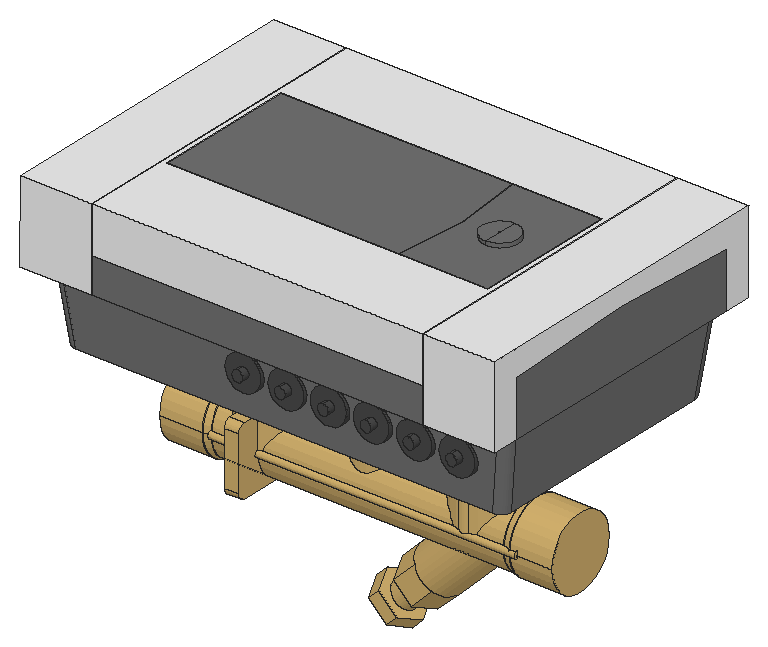
Revit family "SonoSafe 10_DN15-DN32_Return_RFA", category Pipe Accessories, Revit 2019
Family settings
  Round Connector Dimension = Use Diameter
  Part Type = Breaks Into
  Work Plane-Based = No
  Always vertical = Yes
  Cut with Voids When Loaded = No
  Shared = No
Parameters (values of type "SonoSafe 10_DN15_qp0.6m³/h_G¾_110mm_Return")
  ang2D [instance] = 0.00°
  Z1__ve = -Z1  # -11.075 mm
  Z11__ve = -Z11  # -16.075 mm
  Z11 = 16.075 mm
  Z1 = 11.075 mm
  Z = 23.688 mm
  X = 23.688 mm
  W2D = 15 mm
  Use Minimum Symbol Size [instance] = no
  URL = "https://store.danfoss.com/en/Climate-Solutions-for-heating/Energy-Meters/Energy-meters/SonoSelect-10-and-SonoSafe-10/c/6965?q=%3Arelevance%3Adanfoss_producttypehierarchydesc%3A1a055d8c819a30422e595b562910f1935c0250b9&text="
  TW2 = 44.5 mm
  TW = 89 mm
  TPH_ve = -TPH  # -1 mm
  TPH = 1 mm
  TP2 = if(and(LOD 350, D > 20 mm), 1 = 1, 1 = 0)  # no
  TP1_LOD 200 = if(and(LOD 200, D < 25 mm), 1 = 1, 1 = 0)  # no
  TP1 = if(and(LOD 350, D < 25 mm), 1 = 1, 1 = 0)  # yes
  TP = 1 mm
  TL2 = 66.5 mm
  TL = 133 mm
  TD = R * 2  # 19 mm
  R2_2 = 10 mm
  Pressure Drop [instance] = 0.0 Pa
  Nut_Bottom_2 = 0 mm
  Nut_Bottom = -1 mm
  Nominal Pressure = "PN16"  # constant formula
  Model = "SonoSafe 10"  # constant formula
  Min Flow = "0.006 m³/h"
  Max Flow = "1.2 m³/h"
  L = L2 * 2 + B + B  # 110 mm
  LC = 0 mm
  T4 = 65 mm
  L_TP = 25 mm
  S2 = 20 mm
  S1 = 45 mm
  RN = 10 mm
  R4 = 3.92 mm
  R3_1 = 1 mm
  R3 = 5.6 mm
  R2_1 = 13 mm
  R22 = 7 mm
  R2 = 8.3 mm
  R1 = 1 mm
  R = 9.5 mm
  QMD_MemberGap14093YZ = QMD_MemberGap14093 * 1  # 12 mm
  QMD_MemberGap14093 = 12 mm
  Nominal Flow = "0.6 m³/h"
  Model Type = "SonoSafe 10_DN15_qp0.6m³/h_G¾_110mm_Return"
  Manufacturer = "Danfoss"  # constant formula
  LOD 350 = not(LOD 200)  # yes
  LOD 200 = no
  LL1 = 20.5 mm
  LL = 86 mm
  L2 = 43 mm
  L1_2 = 30 mm
  L1_1 = 30 mm
  Kvs = 3.46 m³/h
  IfcExportType = "SonoSafe 10"  # constant formula
  IfcExportAs = "IfcValveType"  # constant formula
  HD5__ve = -HD5  # -4.038 mm
  HD5 = 4.038 mm
  HD4__ve = -HD4  # -6.056 mm
  HD4 = 6.056 mm
  HD3__ve = -HD3  # -8.075 mm
  HD3 = 8.075 mm
  HD2__ve = -HD2  # -25 mm
  HD2 = 25 mm
  HD1__ve = -HD1  # -43 mm
  HD1 = 43 mm
  H2 = 35.45 mm
  Flow [instance] = 0.0 m³/h
  F1 = 16 mm
  F = 32 mm
  E1__ve = -E1  # -17 mm
  E12 = 48.425 mm
  E1 = 17 mm
  H1 = 73.35 mm
  Description = "Energy Meters"  # constant formula
  D = 15 mm
  Connection = "G¾"
  CenSd_R22_6 = R22 * cos(30.00°)  # 6.062 mm
  C = 110 mm
  Body Material = Danfoss Brass
  B__ve = -B  # -12 mm
  BL = 66.5 mm
  B1 = 2 mm
  B = 12 mm
  ARC1 = 5 mm
  ARC = 2 mm
  ANG = 45.00°
  A = 20 mm
Reference planes
  plane 1 "Center (Front/Back)": y = 0
  plane 2 "XYPLANE": z = 0
  plane 3 "Center (Left/Right)": x = 0
  plane 4 "472": z = -35.45
  plane 5 "469": y = 0.2
  plane 6 "466": y = 5
  plane 7 "449": y = -20
  plane 8 "448": y = 20
  plane 9 "419": z = 73.35
  plane 10 "418": y = -44.5
  plane 11 "417": y = 44.5
  plane 12 "411": y = -37
  plane 13 "410": y = 37
  plane 14 "403": y = -35
  plane 15 "402": y = 35
  plane 16 "401": z = 26.5
  plane 17 "396": y = -14.6
  plane 18 "395": y = 14.6
  plane 19 "390": y = -6.3
  plane 20 "389": y = 6.3
  plane 21 "383": x = 28
  plane 22 "382": x = 32
  plane 23 "378": y = -8.3
  plane 24 "376": y = 8.3
  plane 25 "374": x = -32
  plane 26 "367": x = -28
  plane 27 "366": z = 9.5
  plane 28 "365": z = -9.5
  plane 29 "364": z = 17
  plane 30 "363": y = -16
  plane 31 "362": y = 16
  plane 32 "354": through (-541.25, 0, 519.41) normal (0.7071, 0, 0.7071)
  plane 33 "351": through (-536.968, 0, 523.692) normal (0.7071, 0, 0.7071)
  plane 34 "347": through (-531.258, 0, 529.402) normal (0.7071, 0, 0.7071)
  plane 35 "339": through (-513.58, 0, 547.08) normal (0.7071, 0, 0.7071)
  plane 36 "338": through (547.08, 0, 513.58) normal (0.7071, 0, -0.7071)
  plane 37 "335": through (530.33, 0, 530.33) normal (0.7071, 0, -0.7071)
  plane 38 "334": y = 0
  plane 39 "333": through (-530.33, 0, 530.33) normal (0.7071, 0, 0.7071)
  plane 40 "330": x = 30
  plane 41 "329": x = -30
  plane 42 "313": x = 41
  plane 43 "308": x = -41
  plane 44 "303": x = -55
  plane 45 "302": x = 55
  plane 46 "298": y = -9.5
  plane 47 "297": y = 9.5
  plane 48 "296": z = -1
  plane 49 "295": z = 1
  plane 50 "292": x = 43
  plane 51 "291": x = -43
  plane 52 "289": y = 0
  plane 53 "288": x = 0
  plane 54 "287": z = 0
  plane 55 "331XY": through (-530.33, 0, 530.33) normal (0.7071, 0, 0.7071)
  plane 56 "331XZ": y = 0
  plane 57 "331YZ": through (530.33, 0, 530.33) normal (0.7071, 0, -0.7071)
  plane 58 "350": z = -1
  plane 59 "353": z = -8
  plane 60 "355": z = -11
  plane 61 "352": x = 25
  plane 62 "C1": x = 0
Forms (mm)
  Extrusion 1, solid, material "Danfoss Brass" <- "Body Material", visible <- "LOD 350", detail levels fine
    sketch origin (-750, 0, 17) x (1, 0, 0) y (0, 1, 0)
      loop
        line (778, 8.3) -> (778, -8.3)
        arc (778, -8.3) -> (780, -10.3) -> (782, -8.3) r 2
        line (782, -8.3) -> (782, 8.3)
        arc (782, 8.3) -> (780, 10.3) -> (778, 8.3) r 2
    from 0 to -17 <- "E1__ve"
  Extrusion 2, solid, material "Danfoss Brass" <- "Body Material", visible <- "LOD 350", detail levels fine
    sketch origin (-750, 0, 17) x (1, 0, 0) y (0, 1, 0)
      loop
        line (718, 8.3) -> (718, -8.3)
        arc (718, -8.3) -> (720, -10.3) -> (722, -8.3) r 2
        line (722, -8.3) -> (722, 8.3)
        arc (722, 8.3) -> (720, 10.3) -> (718, 8.3) r 2
    from 0 to -17 <- "E1__ve"
  Extrusion 3, solid, material "Danfoss Brass" <- "Body Material", visible <- "LOD 350", detail levels fine
    sketch origin (-28, -750, 0) x (0, 1, 0) y (0, 0, 1)
      loop
        arc (734, -7.5) -> (734.586, -8.914) -> (736, -9.5) r 2
        line (736, -9.5) -> (764, -9.5)
        arc (764, -9.5) -> (765.414, -8.914) -> (766, -7.5) r 2
        line (766, -7.5) -> (766, 7.5)
        arc (766, 7.5) -> (765.414, 8.914) -> (764, 9.5) r 2
        line (764, 9.5) -> (736, 9.5)
        arc (736, 9.5) -> (734.586, 8.914) -> (734, 7.5) r 2
        line (734, 7.5) -> (734, -7.5)
    from 0 to -4
  Extrusion 4, solid, material "Danfoss Brass" <- "Body Material", visible <- "TP1", detail levels fine
    sketch origin (-541.25, 0, 519.41) x (0.707107, 0, -0.707107) y (0, 1, 0)
      loop
        line (780.688, 0) -> (777.188, 6.062) -> (770.188, 6.062) -> (766.688, 0) -> (770.188, -6.062) -> (777.188, -6.062) -> (780.688, 0)
    from 0 to -4.038 <- "HD5__ve"
  Extrusion 5, solid, material "Danfoss Brass" <- "Body Material", visible <- "TP1", detail levels fine
    sketch origin (-536.968, 0, 523.692) x (0.707107, 0, -0.707107) y (0, 1, 0)
      loop
        circle (773.688, 0) r 3.92
    from 0 to -6.056 <- "HD4__ve"
  Extrusion 6, solid, material "Danfoss Brass" <- "Body Material", visible <- "TP1", detail levels fine
    sketch origin (-531.258, 0, 529.402) x (0.707107, 0, -0.707107) y (0, 1, 0)
      loop
        line (780.688, 0) -> (777.188, 6.062) -> (770.188, 6.062) -> (766.688, 0) -> (770.188, -6.062) -> (777.188, -6.062) -> (780.688, 0)
    from 0 to -8.075 <- "HD3__ve"
  Extrusion 7, solid, material "Danfoss Brass" <- "Body Material", visible <- "TP1", detail levels fine
    sketch origin (-513.58, 0, 547.08) x (0.707107, 0, -0.707107) y (0, 1, 0)
      loop
        circle (773.688, 0) r 7
    from 0 to -25 <- "HD2__ve"
  Extrusion 8, solid, material "Danfoss Brass" <- "Body Material", visible <- "TP1_LOD 200", detail levels fine
    sketch origin (-513.58, 0, 547.08) x (0.707107, 0, -0.707107) y (0, 1, 0)
      loop
        circle (773.688, 0) r 7
    from 0 to -43 <- "HD1__ve"
  Extrusion 9, solid, material "Danfoss Brass" <- "Body Material", detail levels fine
    sketch origin (-750, 0, 0) x (1, 0, 0) y (0, 1, 0)
      loop
        circle (780, 0) r 10
    from 0 to 17 <- "E1"
  Extrusion 10, solid, material "Danfoss Brass" <- "Body Material", detail levels fine
    sketch origin (-750, 0, 0) x (1, 0, 0) y (0, 1, 0)
      loop
        circle (720, 0) r 10
    from 0 to 17 <- "E1"
  Extrusion 11, solid, material "Danfoss Brass" <- "Body Material", visible <- "LOD 350", detail levels fine
    sketch origin (-41, -750, 0) x (0, 1, 0) y (0, 0, 1)
      loop
        arc (740.5, 1) -> (739.5, 0) -> (740.5, -1) r 1
        line (740.5, -1) -> (740.5, 1)
    from 0 to 86 <- "LL"
  Extrusion 12, solid, material "Danfoss Brass" <- "Body Material", visible <- "LOD 350", detail levels fine
    sketch origin (-41, -750, 0) x (0, 1, 0) y (0, 0, 1)
      loop
        line (759.5, 1) -> (759.5, -1)
        arc (759.5, -1) -> (760.5, 0) -> (759.5, 1) r 1
    from 0 to 86 <- "LL"
  Blend 13, solid, material "Danfoss Brass" <- "Body Material", visible <- "LOD 350", detail levels fine
    base sketch origin (41, -750, 0) x (0, 1, 0) y (0, 0, 1)
      loop
        circle (750, 0) r 9.5
    top sketch origin (41, -750, 0) x (0, 1, 0) y (0, 0, 1)
      loop
        circle (750, 0) r 10
    from 0 to 2
  Extrusion 14, solid, material "Danfoss Brass" <- "Body Material", detail levels fine
    sketch origin (-41, -750, 0) x (0, 1, 0) y (0, 0, 1)
      loop
        circle (750, 0) r 9.5
    from 0 to 82
  Blend 15, solid, material "Danfoss Brass" <- "Body Material", visible <- "LOD 350", detail levels fine
    base sketch origin (-43, -750, 0) x (0, 1, 0) y (0, 0, 1)
      loop
        circle (750, 0) r 10
    top sketch origin (-43, -750, 0) x (0, 1, 0) y (0, 0, 1)
      loop
        circle (750, 0) r 9.5
    from 0 to 2
  Extrusion 16, solid, material "Danfoss Brass" <- "Body Material", detail levels fine
    sketch origin (55, -750, 0) x (0, 1, 0) y (0, 0, 1)
      loop
        circle (750, 0) r 10
    from 0 to -12 <- "B__ve"
  Extrusion 17, solid, material "Danfoss Brass" <- "Body Material", detail levels fine
    sketch origin (-55, -750, 0) x (0, 1, 0) y (0, 0, 1)
      loop
        circle (750, 0) r 10
    from 0 to 12 <- "B"
  Extrusion 18, solid, material "Danfoss Brass" <- "Body Material", visible <- "LOD 200", detail levels fine
    sketch origin (43, -750, 0) x (0, 1, 0) y (0, 0, 1)
      loop
        circle (750, 0) r 10
    from 0 to -10
  Extrusion 19, solid, material "Danfoss Brass" <- "Body Material", visible <- "LOD 200", detail levels fine
    sketch origin (-43, -750, 0) x (0, 1, 0) y (0, 0, 1)
      loop
        circle (750, 0) r 10
    from 0 to 10
  Revolve 20, solid, material "Danfoss Brass", visible <- "TP2", detail levels fine
    sketch origin (0, 0, 0) x (1, 0, 0) y (0, 0, 1)
      loop
        line (30.366, -1) -> (32, -1) -> (32, 0) -> (25, 0) -> (25, -11) -> (28.366, -11) -> (28.366, -8) -> (30.366, -8) -> (30.366, -1)
      axis (25, 0) -> (25, -11)
    angle from 0 to 360
  Extrusion 21, solid, material "Danfoss Brass", visible <- "TP2", detail levels fine
    sketch origin (0, 0, 0) x (1, 0, 0) y (0, 1, 0)
      loop
        line (22.113, 5) -> (19.226, 0) -> (22.113, -5) -> (27.887, -5) -> (30.774, 0) -> (27.887, 5) -> (22.113, 5)
    from 0 <- "Nut_Bottom_2" to -1 <- "Nut_Bottom"
  Extrusion 22, solid, material "Danfoss Brass", visible <- "LOD 200", detail levels fine
    sketch origin (0, 0, 0) x (1, 0, 0) y (0, 1, 0)
      loop
        circle (25, 0) r 1
    from 0 to 1 <- "TP"
  Extrusion 23, solid, material "Danfoss Brass" <- "Body Material", detail levels fine
    sketch origin (0, 0, 0) x (1, 0, 0) y (0, 1, 0)
      loop
        circle (0, 0) r 8.3
    from 0 to 17
Lines and regions (mm)
  reference lines, not visible
    curve 1: circle (2, 2, 0) r 1 normal (0, 0, 1)
  reference lines
    curve 2: line (-26, 20, 68.35) -> (-26, -20, 68.35)
    curve 3: line (-26, 20, 68.35) -> (-26, -20, 68.35)
    curve 4: line (66.5, -37, 60.85) -> (66.5, 37, 60.85)
    curve 5: line (-66.5, -37, 60.85) -> (-66.5, 37, 60.85)
    curve 6: line (66.5, 44.5, 68.35) -> (66.5, -44.5, 68.35)
    curve 7: line (66.5, -37, 60.85) -> (66.5, 37, 60.85)
    curve 8: line (-66.5, 44.5, 68.35) -> (-66.5, -44.5, 68.35)
    curve 9: line (-66.5, -37, 60.85) -> (-66.5, 37, 60.85)
    curve 10: line (-32, 8.3, 17) -> (-28, 8.3, 17)
    curve 11: line (-14, 8.3, 17) -> (53, 8.3, 17)
    curve 12: line (28, 8.3, 17) -> (32, 8.3, 17)
    curve 13: line (32, 8.3, 17) -> (32, -8.3, 17)
    curve 14: line (32, -8.3, 17) -> (28, -8.3, 17)
    curve 15: line (53, -8.3, 17) -> (-14, -8.3, 17)
    curve 16: line (-28, -8.3, 17) -> (-32, -8.3, 17)
    curve 17: line (-32, -8.3, 17) -> (-32, 8.3, 17)
    curve 18: line (28, -8.3, 17) -> (32, -8.3, 17)
    curve 19: line (32, 8.3, 17) -> (28, 8.3, 17)
    curve 20: line (-32, -8.3, 17) -> (-28, -8.3, 17)
    curve 21: line (-28, 8.3, 17) -> (-32, 8.3, 17)
    curve 25: line (15.822, 0, -17.678) -> (14.585, 3.031, -16.44)
    curve 26: line (15.822, 0, -17.678) -> (13.347, 0, -15.203)
    curve 27: line (15.822, 0, -17.678) -> (14.585, -3.031, -16.44)
    curve 28: line (-41, -9.5, -1) -> (-41, -9.5, 1)
    curve 29: line (-41, 9.5, -1) -> (-41, 9.5, 1)
  reference lines, visible <- "LOD 350"
    curve 22: line (5.83, 0, -27.67) -> (4.592, 3.031, -26.433)
    curve 23: line (5.83, 0, -27.67) -> (3.355, 0, -25.195)
    curve 24: line (5.83, 0, -27.67) -> (4.592, -3.031, -26.433)
Dimensions and locks
  plane 1 "Center (Front/Back)" to curve 1 = 2 mm
  "H2": plane 54 "287" to plane 4 "472"
  locked: plane 52 "289" to plane 5 "469" at 0.2
  locked: plane 52 "289" to plane 6 "466" at 5
  locked: plane 52 "289" to plane 7 "449" at 20
  locked: plane 52 "289" to plane 8 "448" at 20
  "H1": plane 54 "287" to plane 9 "419"
  "TW2": plane 52 "289" to plane 10 "418"
  "TW2": plane 52 "289" to plane 11 "417"
  locked: plane 14 "403" to plane 12 "411" at 2
  locked: plane 15 "402" to plane 13 "410" at 2
  locked: plane 52 "289" to plane 14 "403" at 35
  locked: plane 52 "289" to plane 15 "402" at 35
  "R2": plane 19 "390" to plane 17 "396"
  "R2": plane 20 "389" to plane 18 "395"
  locked: plane 23 "378" to plane 19 "390" at 2
  locked: plane 24 "376" to plane 20 "389" at 2
  locked: plane 22 "382" to plane 21 "383" at 4
  locked: plane 40 "330" to plane 22 "382" at 2
  "R2": plane 52 "289" to plane 23 "378"
  "R2": plane 52 "289" to plane 24 "376"
  locked: plane 26 "367" to plane 25 "374" at 4
  locked: plane 41 "329" to plane 26 "367" at 2
  "R": plane 54 "287" to plane 27 "366"
  "R": plane 54 "287" to plane 28 "365"
  "E1": plane 54 "287" to plane 29 "364"
  "F1": plane 52 "289" to plane 30 "363"
  "F1": plane 52 "289" to plane 31 "362"
  "HD4": plane 33 "351" to plane 32 "354"
  "HD3": plane 34 "347" to plane 33 "351"
  "HD2": plane 35 "339" to plane 34 "347"
  "Z": plane 39 "333" to plane 35 "339"
  "X": plane 37 "335" to plane 36 "338"
  locked: plane 57 "331YZ" to plane 37 "335"
  locked: plane 52 "289" to plane 38 "334"
  locked: plane 55 "331XY" to plane 39 "333" at 0
  "B1": plane 51 "291" to plane 43 "308"
  "B": plane 51 "291" to plane 44 "303"
  "B": plane 50 "292" to plane 45 "302"
  "R": plane 52 "289" to plane 46 "298"
  "R": plane 52 "289" to plane 47 "297"
  "R1": plane 54 "287" to plane 48 "296"
  "R1": plane 54 "287" to plane 49 "295"
  "L2": plane 53 "288" to plane 50 "292"
  "L2": plane 53 "288" to plane 51 "291"
  locked: plane 1 "Center (Front/Back)" to plane 52 "289"
  locked: plane 3 "Center (Left/Right)" to plane 53 "288"
  locked: plane 2 "XYPLANE" to plane 54 "287"
  "ARC": curve 18 to Extrusion 1 sketch curve
  "ARC": curve 19 to Extrusion 1 sketch curve
  Extrusion 1 sketch curve to Extrusion 1 sketch curve = 0 mm  (x8)
  "ARC": curve 20 to Extrusion 2 sketch curve
  "ARC": curve 21 to Extrusion 2 sketch curve
  Extrusion 2 sketch curve to Extrusion 2 sketch curve = 0 mm  (x8)
  Extrusion 3 sketch curve to Extrusion 3 sketch curve = 0 mm  (x16)
  "CenSd_R22_6": curve 22 to Extrusion 4 sketch curve  (x2)
  "CenSd_R22_6": curve 23 to Extrusion 4 sketch curve  (x2)
  "CenSd_R22_6": curve 24 to Extrusion 4 sketch curve  (x2)
  Extrusion 4 sketch curve to Extrusion 4 sketch curve = 0 mm  (x12)
  "CenSd_R22_6": curve 25 to Extrusion 6 sketch curve  (x2)
  "CenSd_R22_6": curve 26 to Extrusion 6 sketch curve  (x2)
  "CenSd_R22_6": curve 27 to Extrusion 6 sketch curve  (x2)
  Extrusion 6 sketch curve to Extrusion 6 sketch curve = 0 mm  (x12)
  "R1": curve 28 to Extrusion 11 sketch curve
  Extrusion 11 sketch curve to Extrusion 11 sketch curve = 0 mm  (x4)
  "R1": curve 29 to Extrusion 12 sketch curve
  Extrusion 12 sketch curve to Extrusion 12 sketch curve = 0 mm  (x4)
  plane 45 "302" to plane 44 "303" = 110 mm
  plane 31 "362" to plane 30 "363" = 32 mm
  plane 51 "291" to plane 50 "292" = 86 mm
  "L_TP": plane 61 "352" to plane 3 "Center (Left/Right)"
  plane 9 "419" to plane 4 "472" = 108.8 mm
  "LC": plane 62 "C1" to plane 3 "Center (Left/Right)"
  "TPH": level to plane 58 "350"
  locked: plane 58 "350" to plane 59 "353" at 7
  locked: plane 59 "353" to plane 60 "355" at 3
  Revolve 20 sketch curve to Revolve 20 sketch curve = 1.634 mm
  Revolve 20 sketch curve to Revolve 20 sketch curve = 7 mm
  curve 23 to Extrusion 21 sketch curve = 5 mm  (x2)
  equal spacing: Extrusion 21 sketch curve, plane 56 "331XZ", Extrusion 21 sketch curve
  "B1": plane 42 "313" to plane 50 "292"
  "L1_1": plane 41 "329" to plane 62 "C1"
  "L1_2": plane 62 "C1" to plane 40 "330"
  plane 9 "419" to plane 16 "401" = 46.85 mm
  locked: plane 16 "401" to plane 29 "364" at 9.5
  Revolve 20 sketch curve to Revolve 20 sketch curve = 2 mm
  radius of Extrusion 3 sketch curve = 2 mm  (x4)
  "R4": radius of Extrusion 5 sketch curve
  "R22": radius of Extrusion 7 sketch curve
  "R22": radius of Extrusion 8 sketch curve
  "R2_2": radius of Extrusion 10 sketch curve
  "RN": radius of Blend 13 sketch curve
  "R": radius of Blend 13 sketch curve
  "R": radius of Extrusion 14 sketch curve
  "R": radius of Blend 15 sketch curve
  "RN": radius of Blend 15 sketch curve
  "RN": radius of Extrusion 16 sketch curve
  "RN": radius of Extrusion 17 sketch curve
  "R3_1": radius of Extrusion 22 sketch curve
  "R2": radius of Extrusion 23 sketch curve
  "R2_2": radius of Extrusion 9 sketch curve
  locked: curve 23 to curve 22 (angle 60.00°)
  locked: curve 24 to curve 23 (angle 60.00°)
  locked: curve 24 to curve 22 (angle 120.00°)
  locked: curve 26 to curve 25 (angle 60.00°)
  locked: curve 27 to curve 26 (angle 60.00°)
  locked: curve 27 to curve 25 (angle 120.00°)
  angle Extrusion 21 sketch curve to Extrusion 21 sketch curve = 120.00°  (x4)
  angle Extrusion 21 sketch curve to Extrusion 21 sketch curve = 60.00°  (x2)
  aligned and locked: level to plane 2 "XYPLANE"
  aligned and locked: plane 8 "448" to curve 2
  aligned and locked: plane 7 "449" to curve 2
  aligned and locked: plane 8 "448" to curve 3
  aligned and locked: plane 7 "449" to curve 3
  aligned and locked: plane 12 "411" to curve 4
  aligned and locked: plane 13 "410" to curve 4
  aligned and locked: plane 12 "411" to curve 5
  aligned and locked: plane 13 "410" to curve 5
  aligned and locked: plane 11 "417" to curve 6
  aligned and locked: plane 10 "418" to curve 6
  aligned and locked: plane 12 "411" to curve 7
  aligned and locked: plane 13 "410" to curve 7
  aligned and locked: plane 11 "417" to curve 8
  aligned and locked: plane 10 "418" to curve 8
  aligned and locked: plane 12 "411" to curve 9
  aligned and locked: plane 13 "410" to curve 9
  aligned and locked: curve 10 to plane 24 "376"
  aligned and locked: plane 25 "374" to curve 10
  aligned and locked: plane 26 "367" to curve 10
  aligned and locked: curve 11 to plane 24 "376"
  aligned and locked: curve 12 to plane 24 "376"
  aligned and locked: plane 21 "383" to curve 12
  aligned and locked: plane 22 "382" to curve 12
  aligned and locked: plane 24 "376" to curve 13
  aligned and locked: plane 23 "378" to curve 13
  aligned and locked: plane 22 "382" to curve 14
  aligned and locked: plane 21 "383" to curve 14
  aligned and locked: plane 23 "378" to curve 15
  aligned and locked: plane 23 "378" to curve 16
  aligned and locked: plane 26 "367" to curve 16
  aligned and locked: plane 25 "374" to curve 16
  aligned and locked: plane 23 "378" to curve 17
  aligned and locked: Extrusion 1 sketch curve to plane 21 "383"
  aligned and locked: plane 24 "376" to Extrusion 1 sketch curve  (x2)
  aligned and locked: plane 23 "378" to Extrusion 1 sketch curve  (x2)
  aligned and locked: curve 18 to plane 23 "378"
  aligned and locked: plane 21 "383" to curve 18
  aligned and locked: plane 22 "382" to Extrusion 1 sketch curve
  aligned and locked: plane 21 "383" to curve 19
  aligned and locked: Extrusion 2 sketch curve to plane 25 "374"
  aligned and locked: plane 24 "376" to Extrusion 2 sketch curve  (x2)
  aligned and locked: plane 23 "378" to Extrusion 2 sketch curve  (x2)
  aligned and locked: plane 26 "367" to curve 20
  aligned and locked: plane 26 "367" to Extrusion 2 sketch curve
  aligned and locked: plane 24 "376" to curve 21
  aligned and locked: plane 26 "367" to curve 21
  aligned and locked: Extrusion 3 sketch curve to plane 28 "365"
  aligned and locked: Extrusion 3 sketch curve to plane 31 "362"
  aligned and locked: plane 27 "366" to Extrusion 3 sketch curve
  aligned and locked: Extrusion 3 sketch curve to plane 30 "363"
  aligned and locked: plane 38 "334" to curve 23
  aligned and locked: curve 24 to plane 36 "338"
  aligned and locked: Extrusion 5 sketch curve to plane 36 "338"
  aligned and locked: plane 38 "334" to Extrusion 5 sketch curve
  aligned and locked: plane 38 "334" to curve 26
  aligned and locked: curve 27 to plane 36 "338"
  aligned and locked: Extrusion 7 sketch curve to plane 36 "338"
  aligned and locked: plane 38 "334" to Extrusion 7 sketch curve
  aligned and locked: Extrusion 8 sketch curve to plane 36 "338"
  aligned and locked: plane 38 "334" to Extrusion 8 sketch curve
  aligned and locked: plane 41 "329" to Extrusion 10 sketch curve
  aligned and locked: plane 52 "289" to Extrusion 10 sketch curve
  aligned and locked: Extrusion 11 sketch curve to plane 46 "298"
  aligned and locked: plane 49 "295" to Extrusion 11 sketch curve
  aligned and locked: plane 48 "296" to Extrusion 11 sketch curve
  aligned and locked: curve 28 to plane 46 "298"
  aligned and locked: plane 48 "296" to curve 28
  aligned and locked: plane 49 "295" to curve 28
  aligned and locked: Extrusion 12 sketch curve to plane 47 "297"
  aligned and locked: plane 49 "295" to Extrusion 12 sketch curve
  aligned and locked: plane 48 "296" to Extrusion 12 sketch curve
  aligned and locked: curve 29 to plane 47 "297"
  aligned and locked: plane 48 "296" to curve 29
  aligned and locked: plane 49 "295" to curve 29
  aligned and locked: Blend 13 sketch curve to plane 52 "289"  (x2)
  aligned and locked: plane 54 "287" to Blend 13 sketch curve  (x2)
  aligned and locked: plane 50 "292" to Blend 13
  aligned and locked: Extrusion 14 sketch curve to plane 52 "289"
  aligned and locked: plane 54 "287" to Extrusion 14 sketch curve
  aligned and locked: Blend 15 sketch curve to plane 52 "289"  (x2)
  aligned and locked: plane 54 "287" to Blend 15 sketch curve  (x2)
  aligned and locked: plane 43 "308" to Blend 15
  aligned and locked: Extrusion 16 sketch curve to plane 52 "289"
  aligned and locked: plane 54 "287" to Extrusion 16 sketch curve
  aligned and locked: Extrusion 17 sketch curve to plane 52 "289"
  aligned and locked: plane 54 "287" to Extrusion 17 sketch curve
  aligned and locked: Extrusion 18 sketch curve to plane 52 "289"
  aligned and locked: plane 54 "287" to Extrusion 18 sketch curve
  aligned and locked: Extrusion 19 sketch curve to plane 52 "289"
  aligned and locked: plane 54 "287" to Extrusion 19 sketch curve
  aligned and locked: Revolve 20 sketch curve to plane 58 "350"
  aligned and locked: Revolve 20 sketch curve to level
  aligned and locked: Revolve 20 sketch curve to plane 60 "355"
  aligned and locked: Revolve 20 sketch curve to plane 59 "353"
  aligned and locked: plane 61 "352" to Extrusion 22 sketch curve
  aligned and locked: plane 62 "C1" to Extrusion 23 sketch curve
  aligned and locked: plane 56 "331XZ" to Extrusion 23 sketch curve
  aligned and locked: plane 29 "364" to Extrusion 23
  aligned and locked: plane 62 "C1" to nested 1
  aligned and locked: plane 29 "364" to nested 1
  aligned and locked: plane 1 "Center (Front/Back)" to Extrusion 9 sketch curve
  aligned and locked: plane 40 "330" to Extrusion 9 sketch curve
  aligned and locked: Revolve 20 sketch curve to plane 61 "352"  (x2)
  aligned and locked: plane 58 "350" to Revolve 20 sketch curve
  aligned and locked: plane 60 "355" to Revolve 20 sketch curve
  aligned and locked: level to Revolve 20 sketch curve
  aligned and locked: level to nested 2
  aligned and locked: Extrusion 14 to plane 42 "313"
  aligned and locked: nested 2 to plane 44 "303"
  aligned and locked: plane 1 "Center (Front/Back)" to nested 2
Automatic sketch dimensions
  Extrusion 18 sketch curve to plane 46 "298" = 0.5 mm
  Extrusion 19 sketch curve to plane 46 "298" = 0.5 mm
  plane 3 "Center (Left/Right)" to curve 1 = 2 mm
  curve 15 to plane 45 "302" = 2 mm
  curve 11 to plane 45 "302" = 2 mm
  plane 26 "367" to curve 2 = 2 mm
  curve 3 to curve 2 = 0 mm
  plane 26 "367" to curve 11 = 14 mm
  plane 26 "367" to curve 15 = 14 mm
  curve 6 to plane 9 "419" = 5 mm
  curve 8 to plane 9 "419" = 5 mm
  curve 4 to curve 6 = 7.5 mm
  curve 7 to curve 4 = 0 mm
  curve 5 to curve 8 = 7.5 mm
  curve 9 to curve 5 = 0 mm
  plane 1 "Center (Front/Back)" to Extrusion 21 sketch curve = 0 mm  (x2)
  Extrusion 21 sketch curve to plane 61 "352" = 5.774 mm
  plane 61 "352" to Extrusion 21 sketch curve = 2.887 mm
  plane 1 "Center (Front/Back)" to Extrusion 22 sketch curve = 0 mm
  radius of curve 1 = 1 mm
Nested families
  nested 1: "SonoSelect10_Upperbody_RFA" at (0, 0, -4.5), type "SonoSelect10_Upperbody", detail levels fine
    with ang2D 0.00°, Use Minimum Symbol Size no
  nested 2: "Schematic_Energy Meter" at (0, 0, 0), type "Schematic_Energy Meter", detail levels coarse+medium
Connectors
  piping at (55, 0, 0), diameter 15, driven by "D", driven by "Flow"
    settings: on Extrusion 16, index 2, connector inside diameter 609.6 mm, connector length 0 mm, flow factor 0, pipe flow 0.0 m³/h, pressure drop 0.0 Pa, fitting loss kfactor 0, connector angle 0.00°, fixture units 0, engagement length 0 mm, angle of deflection 0.00°, flow configuration 0, flow direction 1, fitting loss method 0, system type 29, joint type 0, gender type 0, connector reference index 3, connector utility 0, adjustable connector no, is connector primary yes, connector description ""
  piping at (-55, 0, 0), diameter 15, driven by "D", driven by "Flow"
    settings: on Extrusion 17, index 3, connector inside diameter 609.6 mm, connector length 0 mm, flow factor 0, pipe flow 0.0 m³/h, pressure drop 0.0 Pa, fitting loss kfactor 0, connector angle 0.00°, fixture units 0, engagement length 0 mm, angle of deflection 0.00°, flow configuration 0, flow direction 2, fitting loss method 0, system type 29, joint type 0, gender type 0, connector reference index 2, connector utility 0, adjustable connector no, is connector primary no, connector description ""
Definition of nested family "SonoSelect10_Upperbody_RFA"
  Parameters (values of type "SonoSelect10_Upperbody")
    ang2D [instance] = 0.00°
    Z1__ve = -Z1  # -13.175 mm
    Z11__ve = -Z11  # -18.175 mm
    Z11 = 18.175 mm
    Z1 = 13.175 mm
    Z = 65.761 mm
    Y2 = 8 mm
    X = 65.761 mm
    W2D = 32 mm
    Use Minimum Symbol Size [instance] = no
    TW2 = 44.5 mm
    TW = 89 mm
    TL2 = 66.5 mm
    TL = 133 mm
    S2 = 20 mm
    S1 = 45 mm
    Radius Bottom = 19.5 mm
    RN = 20 mm
    R4 = 3.92 mm
    R3 = 5.6 mm
    R22 = 7 mm
    R2 = 15 mm
    R1 = 1 mm
    R = 19 mm
    QMD_MemberGap14093YZ = QMD_MemberGap14093 * 1  # 12 mm
    QMD_MemberGap14093 = 12 mm
    Manufacturer = "Danfoss"
    LX = 93 mm
    LOD 350 = not(LOD 200)  # yes
    LOD 200 = no
    LL1 = 55 mm
    LL = 220 mm
    L2D_Min = 30.48 mm
    L2D = 224 mm
    L2 = 112 mm
    L = 224 mm
    HD5__ve = -HD5  # -5.028 mm
    HD5 = 5.028 mm
    HD4__ve = -HD4  # -7.541 mm
    HD4 = 7.541 mm
    HD3__ve = -HD3  # -10.055 mm
    HD3 = 10.055 mm
    HD2__ve = -HD2  # -27.652 mm
    HD2 = 27.652 mm
    HD1__ve = -HD1  # -50.276 mm
    HD1 = 50.276 mm
    HD = 40.5 mm
    F1 = 20.5 mm
    F = 41 mm
    E1__ve = -E1  # -24 mm
    E12 = 53 mm
    E1 = 24 mm
    E = 78 mm
    Description = "Danfoss ultrasonic energy meter \"SonoSafe 10\" for installation in the return pipe. Variants for heating, cooling or combined heating/cooling applications are available. Different communication modules and power supplies selectable."
    D = 32 mm
    CenSd_R22_6 = R22 * cos(30.00°)  # 6.062 mm
    C = 260 mm
    Body Material = none
    B__ve = -B  # -18 mm
    BL = 112 mm
    B = 18 mm
    ARC1 = 2 mm
    ARC = 2 mm
    ANG = 45.00°
    A = 40 mm
    Y1 = 8 mm
  Reference planes
    plane 1 "Center (Front/Back)": y = 0
    plane 2 "XYPLANE": z = 0
    plane 3 "Center (Left/Right)": x = 0
    plane 4 "482": x = -10
    plane 5 "481": z = 43
    plane 6 "470": z = 75
    plane 7 "469": y = 0.2
    plane 8 "466": y = 5
    plane 9 "465": z = 77
    plane 10 "464": x = 32.5
    plane 11 "453": x = 20
    plane 12 "449": y = -20
    plane 13 "448": y = 20
    plane 14 "447": x = -45
    plane 15 "446": x = 45
    plane 16 "443": z = 62.825
    plane 17 "439": x = -46.5
    plane 18 "438": x = 46.5
    plane 19 "434": x = 64.5
    plane 20 "433": x = -64.5
    plane 21 "428": x = 61.5
    plane 22 "427": x = -61.5
    plane 23 "421": z = 68.5
    plane 24 "420": z = 76
    plane 25 "419": z = 78
    plane 26 "418": y = -44.5
    plane 27 "417": y = 44.5
    plane 28 "416": x = 66.5
    plane 29 "415": x = -66.5
    plane 30 "411": y = -37
    plane 31 "410": y = 37
    plane 32 "407": z = 53
    plane 33 "403": y = -35
    plane 34 "402": y = 35
    plane 35 "401": z = 31
    plane 36 "399": x = 30
    plane 37 "398": x = -30
    plane 38 "396": y = -28
    plane 39 "395": y = 28
    plane 40 "391": x = -17
    plane 41 "390": y = -13
    plane 42 "389": y = 13
    plane 43 "387": x = 17
    plane 44 "386": x = -15
    plane 45 "385": x = 15
    plane 46 "383": x = 53
    plane 47 "382": x = 57
    plane 48 "378": y = -15
    plane 49 "376": y = 15
    plane 50 "374": x = -57
    plane 51 "367": x = -53
    plane 52 "363": y = -20.5
    plane 53 "362": y = 20.5
    plane 54 "334": y = 0
    plane 55 "330": x = 55
    plane 56 "329": x = -55
    plane 57 "298": y = -19
    plane 58 "297": y = 19
    plane 59 "289": y = 0
    plane 60 "288": x = 0
    plane 61 "287": z = 0
    plane 62 "331XZ": y = 0
    plane 63 "x1": z = 21.5
    plane 64 "Y1": x = 22.5
    plane 65 "Y2": x = -22.5
    plane 66 "X2": y = 12.5
    plane 67 "X3": y = -12.5
    plane 68 "Y4": x = 42.5
    plane 69 "Y5": x = -42.5
    plane 70: x = 30.5
    plane 71: x = -30.5
    plane 72: x = 42.5
    plane 73: x = -42.5
    plane 74: y = 22.5
    plane 75: y = -22.5
  Forms (mm)
    Revolve 1, solid, material <- "Body Material", visible <- "LOD 350"
      sketch origin (32.5, 5, 68.5) x (0, -1, 0) y (0, 0, 1)
        loop
          line (0, 6.5) -> (4.8, 6.5) -> (4.8, 8.5) -> (0, 8.5) -> (0, 6.5)
        axis (5, 8.5) -> (5, 6.5)
      angle from 0 to -360
    Extrusion 2, solid, material <- "Body Material", visible <- "LOD 350"
      sketch origin (-750, 0, 76) x (1, 0, 0) y (0, 1, 0)
        loop
          line (705, -20) -> (770, -20)
          arc (770, -20) -> (772, 0) -> (770, 20) r 101
          line (770, 20) -> (705, 20) -> (705, -20)
      from 0 to -5
    Extrusion 3, solid, material <- "Body Material", visible <- "LOD 350"
      sketch origin (-750, 0, 76) x (1, 0, 0) y (0, 1, 0)
        loop
          line (795, -20) -> (795, 20) -> (770, 20)
          arc (770, 20) -> (772, 0) -> (770, -20) r 101
          line (770, -20) -> (795, -20)
      from 0 to -18.175 <- "Z11__ve"
    Extrusion 4, solid, material <- "Body Material", visible <- "LOD 350"
      sketch origin (-750, 0, 62.825) x (1, 0, 0) y (0, 1, 0)
        loop
          line (703.5, -44.5) -> (796.5, -44.5) -> (796.5, 44.5) -> (703.5, 44.5) -> (703.5, -44.5)
      from 0 to -9.825
    Extrusion 5, solid, material <- "Body Material", visible <- "LOD 350"
      sketch origin (66.5, -750, 0) x (0, 1, 0) y (0, 0, 1)
        loop
          line (713, 68.5) -> (713, 53) -> (787, 53) -> (787, 68.5)
          arc (787, 68.5) -> (750, 70.5) -> (713, 68.5) r 343.25
      from 0 to -20
    Extrusion 6, solid, material <- "Body Material", visible <- "LOD 350"
      sketch origin (-66.5, -750, 0) x (0, 1, 0) y (0, 0, 1)
        loop
          line (713, 68.5) -> (713, 53) -> (787, 53) -> (787, 68.5)
          arc (787, 68.5) -> (750, 70.5) -> (713, 68.5) r 343.25
      from 0 to 20
    Extrusion 7, solid, visible <- "LOD 350"
      sketch origin (-750, 0, 76) x (1, 0, 0) y (0, 1, 0)
        loop
          line (703.5, -44.5) -> (796.5, -44.5) -> (796.5, 44.5) -> (703.5, 44.5) -> (703.5, -44.5)
        loop
          line (705, -20) -> (795, -20) -> (795, 20) -> (705, 20) -> (705, -20)
      from 0 to -13.175 <- "Z1__ve"
    Extrusion 8, solid, visible <- "LOD 350"
      sketch origin (66.5, -750, 0) x (0, 1, 0) y (0, 0, 1)
        loop
          line (794.5, 53) -> (794.5, 76)
          arc (794.5, 76) -> (750, 78) -> (705.5, 76) r 496.062
          line (705.5, 76) -> (705.5, 53) -> (713, 53) -> (713, 68.5)
          arc (713, 68.5) -> (750, 70.5) -> (787, 68.5) r 343.25
          line (787, 68.5) -> (787, 53) -> (794.5, 53)
      from 0 to -20
    Extrusion 9, solid, visible <- "LOD 350"
      sketch origin (-66.5, -750, 0) x (0, 1, 0) y (0, 0, 1)
        loop
          line (794.5, 53) -> (794.5, 76)
          arc (794.5, 76) -> (750, 78) -> (705.5, 76) r 496.062
          line (705.5, 76) -> (705.5, 53) -> (713, 53) -> (713, 68.5)
          arc (713, 68.5) -> (750, 70.5) -> (787, 68.5) r 343.25
          line (787, 68.5) -> (787, 53) -> (794.5, 53)
      from 0 to 20
    Blend 10, solid, material <- "Body Material", visible <- "LOD 350"
      base sketch origin (-750, 0, 31) x (1, 0, 0) y (0, 1, 0)
        loop
          line (691.5, -35) -> (808.5, -35)
          arc (808.5, -35) -> (810.621, -34.121) -> (811.5, -32) r 3
          line (811.5, -32) -> (811.5, 32)
          arc (811.5, 32) -> (810.621, 34.121) -> (808.5, 35) r 3
          line (808.5, 35) -> (691.5, 35)
          arc (691.5, 35) -> (689.379, 34.121) -> (688.5, 32) r 3
          line (688.5, 32) -> (688.5, -32)
          arc (688.5, -32) -> (689.379, -34.121) -> (691.5, -35) r 3
      top sketch origin (-750, 0, 31) x (1, 0, 0) y (0, 1, 0)
        loop
          line (688.5, -37) -> (811.5, -37)
          arc (811.5, -37) -> (813.621, -36.121) -> (814.5, -34) r 3
          line (814.5, -34) -> (814.5, 34)
          arc (814.5, 34) -> (813.621, 36.121) -> (811.5, 37) r 3
          line (811.5, 37) -> (688.5, 37)
          arc (688.5, 37) -> (686.379, 36.121) -> (685.5, 34) r 3
          line (685.5, 34) -> (685.5, -34)
          arc (685.5, -34) -> (686.379, -36.121) -> (688.5, -37) r 3
      from 0 to 22
    Extrusion 11, solid, visible <- "LOD 200", detail levels fine
      sketch origin (-750, 0, 29) x (1, 0, 0) y (0, 1, 0)
        loop
          line (683.5, 44.5) -> (683.5, -44.5) -> (816.5, -44.5) -> (816.5, 44.5) -> (683.5, 44.5)
      from 0 to 49
    Extrusion 12, solid, material <- "Body Material", visible <- "LOD 350"
      sketch origin (0, 0, 21.5) x (-1, 0, 0) y (0, -1, 0)
        loop
          arc (-22.5, 12.5) -> (-24.843, 18.157) -> (-30.5, 20.5) r 8
          line (-30.5, 20.5) -> (-42.5, 20.5) -> (-42.5, 0) -> (-36.383, -15.263)
          arc (-36.383, -15.263) -> (-31.166, -18.966) -> (-25.303, -16.404) r 6.5
          line (-25.303, -16.404) -> (-23.805, -12.5) -> (-14.967, -12.5)
          arc (-14.967, -12.5) -> (0, -19.5) -> (14.967, -12.5) r 19.5
          line (14.967, -12.5) -> (22.5, -12.5)
          arc (22.5, -12.5) -> (24.843, -18.157) -> (30.5, -20.5) r 8
          line (30.5, -20.5) -> (42.5, -20.5) -> (42.5, 0) -> (35.547, 17.351)
          arc (35.547, 17.351) -> (27.885, 18.993) -> (23.5, 12.5) r 7
          line (23.5, 12.5) -> (14.967, 12.5)
          arc (14.967, 12.5) -> (0, 19.5) -> (-14.967, 12.5) r 19.5
          line (-14.967, 12.5) -> (-22.5, 12.5)
      from 0 to 9.5
    Extrusion 13, solid, material <- "Body Material", visible <- "LOD 200"
      sketch origin (0, 0, 21.5) x (-1, 0, 0) y (0, -1, 0)
        loop
          line (-42.5, -22.5) -> (42.5, -22.5) -> (42.5, 22.5) -> (-42.5, 22.5) -> (-42.5, -22.5)
      from 0 to 9.5
  Lines and regions (mm)
    reference lines
      curve 1: line (20, 20, 76) -> (20, -20, 76)
      curve 2: line (20, 20, 76) -> (20, -20, 76)
    reference lines, visible <- "LOD 350"
      curve 3: line (66.5, -37, 68.5) -> (66.5, 37, 68.5)
      curve 4: line (-66.5, -37, 68.5) -> (-66.5, 37, 68.5)
      curve 5: line (66.5, 44.5, 76) -> (66.5, -44.5, 76)
      curve 6: line (66.5, -37, 68.5) -> (66.5, 37, 68.5)
      curve 7: line (-66.5, 44.5, 76) -> (-66.5, -44.5, 76)
      curve 8: line (-66.5, -37, 68.5) -> (-66.5, 37, 68.5)
  Dimensions and locks
    locked: plane 60 "288" to plane 4 "482" at 10
    locked: plane 32 "407" to plane 5 "481" at 10
    locked: plane 9 "465" to plane 6 "470" at 2
    locked: plane 59 "289" to plane 7 "469" at 0.2
    locked: plane 59 "289" to plane 8 "466" at 5
    locked: plane 24 "420" to plane 9 "465" at 1
    locked: plane 11 "453" to plane 10 "464" at 12.5
    locked: plane 15 "446" to plane 11 "453" at 25
    locked: plane 59 "289" to plane 12 "449" at 20
    locked: plane 59 "289" to plane 13 "448" at 20
    locked: plane 60 "288" to plane 14 "447" at 45
    locked: plane 60 "288" to plane 15 "446" at 45
    "Z1": plane 24 "420" to plane 16 "443"
    locked: plane 29 "415" to plane 17 "439" at 20
    locked: plane 28 "416" to plane 18 "438" at 20
    locked: plane 28 "416" to plane 19 "434" at 2
    locked: plane 29 "415" to plane 20 "433" at 2
    locked: plane 28 "416" to plane 21 "428" at 5
    locked: plane 29 "415" to plane 22 "427" at 5
    locked: plane 24 "420" to plane 23 "421" at 7.5
    "ARC1": plane 25 "419" to plane 24 "420"
    "E": plane 61 "287" to plane 25 "419"
    "TW2": plane 59 "289" to plane 26 "418"
    "TW2": plane 59 "289" to plane 27 "417"
    "TL2": plane 60 "288" to plane 28 "416"
    "TL2": plane 60 "288" to plane 29 "415"
    locked: plane 33 "403" to plane 30 "411" at 2
    locked: plane 34 "402" to plane 31 "410" at 2
    "E12": plane 61 "287" to plane 32 "407"
    locked: plane 59 "289" to plane 33 "403" at 35
    locked: plane 59 "289" to plane 34 "402" at 35
    "R2": plane 45 "385" to plane 36 "399"
    "R2": plane 44 "386" to plane 37 "398"
    "R2": plane 41 "390" to plane 38 "396"
    "R2": plane 42 "389" to plane 39 "395"
    locked: plane 44 "386" to plane 40 "391" at 2
    locked: plane 48 "378" to plane 41 "390" at 2
    locked: plane 49 "376" to plane 42 "389" at 2
    locked: plane 45 "385" to plane 43 "387" at 2
    "R2": plane 60 "288" to plane 44 "386"
    "R2": plane 60 "288" to plane 45 "385"
    locked: plane 47 "382" to plane 46 "383" at 4
    locked: plane 55 "330" to plane 47 "382" at 2
    "R2": plane 59 "289" to plane 48 "378"
    "R2": plane 59 "289" to plane 49 "376"
    locked: plane 51 "367" to plane 50 "374" at 4
    locked: plane 56 "329" to plane 51 "367" at 2
    "F1": plane 59 "289" to plane 52 "363"
    "F1": plane 59 "289" to plane 53 "362"
    locked: plane 59 "289" to plane 54 "334"
    "LL1": plane 60 "288" to plane 55 "330"
    "LL1": plane 60 "288" to plane 56 "329"
    "R": plane 59 "289" to plane 57 "298"
    "R": plane 59 "289" to plane 58 "297"
    locked: plane 1 "Center (Front/Back)" to plane 59 "289"
    locked: plane 3 "Center (Left/Right)" to plane 60 "288"
    locked: plane 2 "XYPLANE" to plane 61 "287"
    Revolve 1 sketch curve to Revolve 1 sketch curve = 0 mm  (x8)
    "ARC": curve 1 to Extrusion 2 sketch curve
    Extrusion 2 sketch curve to Extrusion 2 sketch curve = 0 mm  (x8)
    "ARC": curve 2 to Extrusion 3 sketch curve
    Extrusion 3 sketch curve to Extrusion 3 sketch curve = 0 mm  (x8)
    Extrusion 4 sketch curve to Extrusion 4 sketch curve = 0 mm  (x8)
    "ARC1": curve 3 to Extrusion 5 sketch curve
    Extrusion 5 sketch curve to Extrusion 5 sketch curve = 0 mm  (x8)
    "ARC1": curve 4 to Extrusion 6 sketch curve
    Extrusion 6 sketch curve to Extrusion 6 sketch curve = 0 mm  (x8)
    Extrusion 7 sketch curve to Extrusion 7 sketch curve = 0 mm  (x16)
    "ARC1": curve 5 to Extrusion 8 sketch curve
    "ARC1": curve 6 to Extrusion 8 sketch curve
    Extrusion 8 sketch curve to Extrusion 8 sketch curve = 0 mm  (x16)
    "ARC1": curve 7 to Extrusion 9 sketch curve
    "ARC1": curve 8 to Extrusion 9 sketch curve
    Extrusion 9 sketch curve to Extrusion 9 sketch curve = 0 mm  (x16)
    Blend 10 sketch curve to Blend 10 sketch curve = 0 mm  (x32)
    equal spacing: group 1, group 2, group 3, group 4, group 5, group 6  (x3)
    "QMD_MemberGap14093YZ": nested 2 to plane 4 "482"
    plane 29 "415" to plane 28 "416" = 133 mm
    plane 27 "417" to plane 26 "418" = 89 mm
    plane 25 "419" to plane 32 "407" = 25 mm
    plane 32 "407" to plane 35 "401" = 22 mm
    plane 25 "419" to plane 35 "401" = 47 mm
    locked: plane 35 "401" to plane 63 "x1" at 9.5
    equal spacing: plane 65 "Y2", plane 3 "Center (Left/Right)", plane 64 "Y1"
    locked: plane 65 "Y2" to plane 64 "Y1" at 45
    equal spacing: plane 67 "X3", plane 1 "Center (Front/Back)", plane 66 "X2"
    locked: plane 67 "X3" to plane 66 "X2" at 25
    equal spacing: plane 69 "Y5", plane 3 "Center (Left/Right)", plane 68 "Y4"
    locked: plane 69 "Y5" to plane 68 "Y4" at 85
    Extrusion 12 sketch curve to plane 62 "331XZ" = 0 mm  (x2)
    "Y1": plane 64 "Y1" to plane 70
    "Y2": plane 71 to plane 65 "Y2"
    Extrusion 12 sketch curve to Extrusion 12 sketch curve = 20.5 mm
    plane 25 "419" to plane 63 "x1" = 56.5 mm
    locked: plane 73 to plane 72 at 85
    locked: plane 75 to plane 74 at 45
    equal spacing: plane 75, plane 1 "Center (Front/Back)", plane 74
    equal spacing: plane 73, plane 3 "Center (Left/Right)", plane 72
    radius of Blend 10 sketch curve = 3 mm  (x8)
    radius of Extrusion 12 sketch curve = 6.5 mm
    radius of Extrusion 12 sketch curve = 7 mm
    angle plane 62 "331XZ" to Extrusion 12 sketch curve = 111.838°
    angle plane 1 "Center (Front/Back)" to Extrusion 12 sketch curve = 111.838°
    aligned and locked: level to plane 2 "XYPLANE"
    aligned and locked: plane 8 "466" to Revolve 1 sketch curve  (x2)
    aligned and locked: plane 6 "470" to Revolve 1 sketch curve  (x3)
    aligned and locked: plane 9 "465" to Revolve 1 sketch curve  (x3)
    aligned and locked: plane 7 "469" to Revolve 1 sketch curve  (x2)
    aligned and locked: plane 14 "447" to Extrusion 2 sketch curve  (x2)
    aligned and locked: plane 12 "449" to Extrusion 2 sketch curve  (x2)
    aligned and locked: plane 13 "448" to Extrusion 2 sketch curve
    aligned and locked: plane 11 "453" to Extrusion 2 sketch curve  (x2)
    aligned and locked: curve 1 to plane 11 "453"
    aligned and locked: plane 13 "448" to curve 1
    aligned and locked: plane 12 "449" to curve 1
    aligned and locked: plane 12 "449" to Extrusion 3 sketch curve
    aligned and locked: plane 13 "448" to Extrusion 3 sketch curve
    aligned and locked: plane 15 "446" to Extrusion 3 sketch curve  (x2)
    aligned and locked: plane 11 "453" to Extrusion 3 sketch curve  (x2)
    aligned and locked: curve 2 to plane 11 "453"
    aligned and locked: plane 13 "448" to curve 2
    aligned and locked: plane 12 "449" to curve 2
    aligned and locked: Extrusion 3 sketch curve to plane 12 "449"
    aligned and locked: plane 17 "439" to Extrusion 4 sketch curve  (x2)
    aligned and locked: plane 26 "418" to Extrusion 4 sketch curve  (x2)
    aligned and locked: plane 27 "417" to Extrusion 4 sketch curve  (x2)
    aligned and locked: plane 18 "438" to Extrusion 4 sketch curve  (x2)
    aligned and locked: curve 3 to plane 23 "421"
    aligned and locked: plane 30 "411" to curve 3
    aligned and locked: plane 31 "410" to curve 3
    aligned and locked: Extrusion 5 sketch curve to plane 31 "410"
    aligned and locked: plane 23 "421" to Extrusion 5 sketch curve  (x2)
    aligned and locked: plane 32 "407" to Extrusion 5 sketch curve  (x2)
    aligned and locked: plane 31 "410" to Extrusion 5 sketch curve
    aligned and locked: plane 30 "411" to Extrusion 5 sketch curve
    aligned and locked: curve 4 to plane 23 "421"
    aligned and locked: plane 30 "411" to curve 4
    aligned and locked: plane 31 "410" to curve 4
    aligned and locked: Extrusion 6 sketch curve to plane 31 "410"
    aligned and locked: plane 23 "421" to Extrusion 6 sketch curve  (x2)
    aligned and locked: plane 32 "407" to Extrusion 6 sketch curve  (x2)
    aligned and locked: plane 31 "410" to Extrusion 6 sketch curve
    aligned and locked: plane 30 "411" to Extrusion 6 sketch curve
    aligned and locked: plane 17 "439" to Extrusion 7 sketch curve  (x2)
    aligned and locked: plane 26 "418" to Extrusion 7 sketch curve  (x2)
    aligned and locked: plane 27 "417" to Extrusion 7 sketch curve  (x2)
    aligned and locked: plane 18 "438" to Extrusion 7 sketch curve  (x2)
    aligned and locked: plane 14 "447" to Extrusion 7 sketch curve  (x2)
    aligned and locked: plane 12 "449" to Extrusion 7 sketch curve  (x2)
    aligned and locked: plane 13 "448" to Extrusion 7 sketch curve  (x2)
    aligned and locked: plane 15 "446" to Extrusion 7 sketch curve  (x2)
    aligned and locked: plane 27 "417" to Extrusion 8 sketch curve
    aligned and locked: plane 32 "407" to Extrusion 8 sketch curve  (x4)
    aligned and locked: plane 24 "420" to Extrusion 8 sketch curve  (x2)
    aligned and locked: plane 24 "420" to curve 5
    aligned and locked: plane 27 "417" to curve 5
    aligned and locked: plane 26 "418" to curve 5
    aligned and locked: Extrusion 8 sketch curve to plane 26 "418"
    aligned and locked: plane 26 "418" to Extrusion 8 sketch curve
    aligned and locked: plane 30 "411" to Extrusion 8 sketch curve
    aligned and locked: plane 23 "421" to Extrusion 8 sketch curve  (x2)
    aligned and locked: curve 6 to plane 23 "421"
    aligned and locked: plane 30 "411" to curve 6
    aligned and locked: plane 31 "410" to curve 6
    aligned and locked: Extrusion 8 sketch curve to plane 31 "410"
    aligned and locked: plane 31 "410" to Extrusion 8 sketch curve
    aligned and locked: plane 27 "417" to Extrusion 9 sketch curve
    aligned and locked: plane 32 "407" to Extrusion 9 sketch curve  (x4)
    aligned and locked: plane 24 "420" to Extrusion 9 sketch curve  (x2)
    aligned and locked: plane 24 "420" to curve 7
    aligned and locked: plane 27 "417" to curve 7
    aligned and locked: plane 26 "418" to curve 7
    aligned and locked: Extrusion 9 sketch curve to plane 26 "418"
    aligned and locked: plane 26 "418" to Extrusion 9 sketch curve
    aligned and locked: plane 30 "411" to Extrusion 9 sketch curve
    aligned and locked: plane 23 "421" to Extrusion 9 sketch curve  (x2)
    aligned and locked: curve 8 to plane 23 "421"
    aligned and locked: plane 30 "411" to curve 8
    aligned and locked: plane 31 "410" to curve 8
    aligned and locked: Extrusion 9 sketch curve to plane 31 "410"
    aligned and locked: plane 31 "410" to Extrusion 9 sketch curve
    aligned and locked: plane 20 "433" to Blend 10 sketch curve
    aligned and locked: Blend 10 sketch curve to plane 31 "410"
    aligned and locked: Blend 10 sketch curve to plane 19 "434"
    aligned and locked: plane 30 "411" to Blend 10 sketch curve
    aligned and locked: plane 22 "427" to Blend 10 sketch curve
    aligned and locked: Blend 10 sketch curve to plane 34 "402"
    aligned and locked: Blend 10 sketch curve to plane 21 "428"
    aligned and locked: plane 33 "403" to Blend 10 sketch curve
    aligned and locked: plane 32 "407" to Blend 10
    aligned and locked: plane 4 "482" to nested 1
    aligned and locked: plane 30 "411" to nested 1
    aligned and locked: nested 1 to plane 5 "481"
    aligned and locked: nested 2 to plane 5 "481"
    aligned and locked: nested 2 to plane 30 "411"
    aligned and locked: Extrusion 11 sketch curve to plane 29 "415"
    aligned and locked: Extrusion 11 sketch curve to plane 27 "417"
    aligned and locked: Extrusion 11 sketch curve to plane 28 "416"
    aligned and locked: Extrusion 11 sketch curve to plane 26 "418"
    aligned and locked: Extrusion 4 to plane 32 "407"
    aligned and locked: Extrusion 12 sketch curve to plane 67 "X3"
    aligned and locked: plane 64 "Y1" to Extrusion 12 sketch curve
    aligned and locked: plane 68 "Y4" to Extrusion 12 sketch curve
    aligned and locked: Extrusion 12 sketch curve to plane 66 "X2"
    aligned and locked: plane 67 "X3" to Extrusion 12 sketch curve  (x2)
    aligned and locked: plane 70 to Extrusion 12 sketch curve  (x2)
    aligned and locked: plane 66 "X2" to Extrusion 12 sketch curve  (x2)
    aligned and locked: plane 65 "Y2" to Extrusion 12 sketch curve
    aligned and locked: plane 71 to Extrusion 12 sketch curve
    aligned and locked: plane 35 "401" to Extrusion 12
    aligned and locked: Extrusion 13 sketch curve to plane 74
    aligned and locked: Extrusion 13 sketch curve to plane 75
    aligned and locked: Extrusion 13 sketch curve to plane 73
    aligned and locked: Extrusion 13 sketch curve to plane 72
    aligned and locked: plane 35 "401" to Extrusion 13
  Automatic sketch dimensions
    Revolve 1 sketch curve to plane 1 "Center (Front/Back)" = 0 mm
    Extrusion 12 sketch curve to Extrusion 12 sketch curve = 0 mm  (x2)
    plane 1 "Center (Front/Back)" to Extrusion 12 sketch curve = 0 mm
    Extrusion 12 sketch curve to plane 3 "Center (Left/Right)" = 0 mm
    Extrusion 12 sketch curve to plane 69 "Y5" = 0 mm
    plane 49 "376" to Extrusion 12 sketch curve = 1.404 mm
    plane 64 "Y1" to Extrusion 12 sketch curve = 1.305 mm
    Extrusion 12 sketch curve to plane 45 "385" = 0.033 mm  (x2)
  Nested families
    nested 1: "0_1" at (-10, -37, 43), visible <- "LOD 350", type "Size1", detail levels fine
      with H1 5 mm, ARC2 1.5 mm, ARC1 5 mm
    nested 2: "0_1" at (2, -37, 43), visible <- "LOD 350", type "Size1", detail levels fine
      with H1 5 mm, ARC2 1.5 mm, ARC1 5 mm
    nested 3: "0_1" at (14, -37, 43), visible <- "LOD 350", type "Size1", detail levels fine
      with H1 5 mm, ARC2 1.5 mm, ARC1 5 mm
    nested 4: "0_1" at (26, -37, 43), visible <- "LOD 350", type "Size1", detail levels fine
      with H1 5 mm, ARC2 1.5 mm, ARC1 5 mm
    nested 5: "0_1" at (38, -37, 43), visible <- "LOD 350", type "Size1", detail levels fine
      with H1 5 mm, ARC2 1.5 mm, ARC1 5 mm
    nested 6: "0_1" at (50, -37, 43), visible <- "LOD 350", type "Size1", detail levels fine
      with H1 5 mm, ARC2 1.5 mm, ARC1 5 mm
  Definition of nested family "0_1"
    Parameters (values of type "Size1")
      LOD 350 = not(LOD 200)  # yes
      LOD 200 = no
      H1 [instance] = 5 mm  # constant formula
      Description = "2018-08-24"
      Default Elevation = 1219.2 mm
      Body Material = none
      ARC2 [instance] = 1.5 mm  # constant formula
      ARC1 [instance] = 5 mm  # constant formula
    Reference planes
      plane 1 "Center (Front/Back)": y = 0
      plane 2: z = 0
      plane 3 "Center (Left/Right)": x = 0
      plane 4 "XYPLANE": z = 0
      plane 5 "4": y = 0
      plane 6 "3": x = 0
      plane 7 "2": z = 0
    Forms (mm)
      Extrusion 1, solid, material <- "Body Material", visible <- "LOD 350", detail levels fine
        sketch origin (750, 0, 0) x (-1, 0, 0) y (0, 0, 1)
          loop
            circle (750, 0) r 1.5
        from 0 to -2
      Extrusion 2, solid, material <- "Body Material", visible <- "LOD 350", detail levels fine
        sketch origin (750, 0, 0) x (-1, 0, 0) y (0, 0, 1)
          loop
            circle (750, 0) r 5
        from 0 to 5 <- "H1"
    Lines and regions (mm)
      model lines, visible <- "LOD 350", detail levels fine
        curve 1: line (0, 0, 0) -> (0, 5, 0)
        curve 2: line (0, 0, 0) -> (5, 0, 0)
    Dimensions and locks
      locked: plane 1 "Center (Front/Back)" to plane 5 "4"
      locked: plane 3 "Center (Left/Right)" to plane 6 "3"
      locked: plane 4 "XYPLANE" to plane 7 "2" at 0
      "ARC2": radius of Extrusion 1 sketch curve
      "ARC1": radius of Extrusion 2 sketch curve
      aligned and locked: level to plane 2
      aligned and locked: Extrusion 1 sketch curve to plane 6 "3"
      aligned and locked: plane 7 "2" to Extrusion 1 sketch curve
      aligned and locked: Extrusion 2 sketch curve to plane 6 "3"
      aligned and locked: plane 7 "2" to Extrusion 2 sketch curve
    Automatic sketch dimensions
      curve 1 to plane 3 "Center (Left/Right)" = 0 mm
      plane 1 "Center (Front/Back)" to curve 2 = 0 mm
      plane 3 "Center (Left/Right)" to curve 2 = 5 mm
      curve 1 to plane 1 "Center (Front/Back)" = 5 mm
Definition of nested family "Schematic_Energy Meter"
  Parameters (values of type "Schematic_Energy Meter")
    Word_space = Word_H / 6  # 2.407 mm
    Word_H = R1 * 2 / 3  # 14.444 mm
    L = 110 mm
    R1 = H / 3  # 21.667 mm
    H = 65 mm
    D = 15 mm
  Reference planes
    plane 1 "Center (Front/Back)": y = 0
    plane 2: z = 0
    plane 3 "Center (Left/Right)": x = 0
    plane 4: x = 55
    plane 5: x = -55
    plane 6: y = 7.5
    plane 7: y = -7.5
    plane 8: y = 43.333
    plane 9: y = 21.667
    plane 10: y = 57.778
    plane 11: y = 28.889
    plane 12: x = -14.444
    plane 13: x = 14.444
    plane 14: x = -2.407
    plane 15: x = 2.407
    plane 16: x = 8.426
    plane 17: y = 65
    plane 18: z = 7.5
    plane 19: z = -7.5
    plane 20: z = 43.333
    plane 21: z = 65
    plane 22: z = 21.667
    plane 23: z = 57.778
    plane 24: z = 28.889
  Lines and regions (mm)
    model lines
      curve 1: line (55, 0, 0) -> (-55, 0, 0)
      curve 2: line (0, 0, 0) -> (0, 0, 21.667)
      curve 3: circle (0, 0, 43.333) r 21.667 normal (0, -1, 0)
      curve 4: line (-14.444, 0, 57.778) -> (-2.407, 0, 57.778)
      curve 5: line (-14.444, 0, 57.778) -> (-14.444, 0, 28.889)
      curve 6: line (-14.444, 0, 43.333) -> (-2.407, 0, 43.333)
      curve 7: line (2.407, 0, 28.889) -> (2.407, 0, 57.778)
      curve 8: line (2.407, 0, 57.778) -> (8.426, 0, 43.333)
      curve 9: line (8.426, 0, 43.333) -> (14.444, 0, 57.778)
      curve 10: line (14.444, 0, 57.778) -> (14.444, 0, 28.889)
      curve 21: line (-14.444, 0, 28.889) -> (-2.407, 0, 28.889)
    symbolic lines
      curve 11: line (55, 0, 0) -> (-55, 0, 0)
      curve 12: line (0, 0, 0) -> (0, 21.667, 0)
      curve 13: circle (0, 43.333, 0) r 21.667 normal (0, 0, 1)
      curve 14: line (-14.444, 57.778, 0) -> (-14.444, 28.889, 0)
      curve 15: line (-14.444, 57.778, 0) -> (-2.407, 57.778, 0)
      curve 16: line (-14.444, 43.333, 0) -> (-2.407, 43.333, 0)
      curve 17: line (2.407, 28.889, 0) -> (2.407, 57.778, 0)
      curve 18: line (2.407, 57.778, 0) -> (8.426, 43.333, 0)
      curve 19: line (8.426, 43.333, 0) -> (14.444, 57.778, 0)
      curve 20: line (14.444, 57.778, 0) -> (14.444, 28.889, 0)
      curve 22: line (-14.444, 28.889, 0) -> (-2.407, 28.889, 0)
  Dimensions and locks
    equal spacing: plane 5, plane 3 "Center (Left/Right)", plane 4
    "L": plane 5 to plane 4
    equal spacing: plane 7, plane 1 "Center (Front/Back)", plane 6
    "D": plane 7 to plane 6
    "R1": plane 9 to plane 8
    equal spacing: plane 11, plane 8, plane 10
    "Word_H": plane 8 to plane 10
    equal spacing: plane 12, plane 3 "Center (Left/Right)", plane 13
    "Word_H": plane 12 to plane 3 "Center (Left/Right)"
    equal spacing: plane 14, plane 3 "Center (Left/Right)", plane 15
    "Word_space": plane 14 to plane 3 "Center (Left/Right)"
    equal spacing: plane 15, plane 16, plane 13
    equal spacing: plane 9, plane 8, plane 17
    equal spacing: plane 23, plane 20, plane 24
    "Word_H": plane 23 to plane 20
    equal spacing: plane 21, plane 20, plane 22
    "R1": plane 20 to plane 22
    equal spacing: plane 18, plane 2, plane 19
    "D": plane 18 to plane 19
    "H": plane 21 to plane 2
    "H": plane 1 "Center (Front/Back)" to plane 17
    "R1": radius of curve 13
    "R1": radius of curve 3
    aligned and locked: level to plane 2
    aligned and locked: plane 22 to curve 2
    aligned and locked: plane 2 to curve 1
    aligned and locked: curve 11 to plane 1 "Center (Front/Back)"
    aligned and locked: plane 14 to curve 21
    aligned and locked: plane 12 to curve 5
